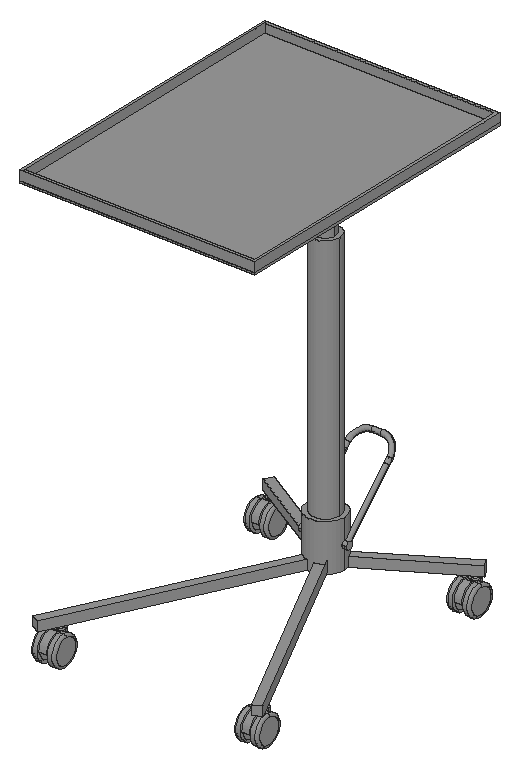
Revit family "Столик гусь ДМ-6-010-03", category Оборудование, Revit 2017
Family settings
  Размер круглого соединителя = Использовать диаметр
  Тип детали = Нормальный
  На основе рабочей плоскости = Нет
  Всегда вертикально = Да
  При загрузке вырезать с полостями = Нет
  Общий = Нет
  Точка расчета площади = Нет
Parameters (values of type "Тип")
  Общ_Ширина = 500.0 mm
  Общ_Тип, марка = "ДМ-6-010-21"
  Общ_Примечание КР [instance] = ""
  Общ_Примечание АР [instance] = ""
  Общ_Примечание = ""
  Общ_Поставщик = "Доктор Мебель"
  Общ_Позиция = ""
  Общ_Наименование = "Столик типа \"гусь\". Регулировка высоты 950-1250 мм."
  Общ_Масса = ""
  Общ_Код продукции = ""
  Общ_Единицы измерения = "шт."
  Общ_Глубина = 700.0 mm
  Общ_Высота = 950.0 mm
  Keynote = ""
  Model = ""
Reference planes
  plane 1 "По центру (Вперед/Назад)": y = 0
  plane 2: z = 0
  plane 3 "По центру (Влево/Вправо)": x = 0
  plane 4: through (0, 0, 120) normal (0, 0.7071, -0.7071)
  plane 5: through (0, 0, 120) normal (0, 0.7071, 0.7071)
  plane 6: z = 120
Forms (mm)
  Extrusion 1, solid, material "Сталь, нержавеющая AISI 304", detail levels fine
    sketch origin (0, 0, 0) x (1, 0, 0) y (0, 1, 0)
      loop
        line (-250, 150) -> (-250, -500) -> (250, -500) -> (250, 150) -> (-250, 150)
    from 925 to 930
  Extrusion 2, solid, material "Сталь, нержавеющая AISI 304", detail levels fine
    sketch origin (0, 0, 0) x (1, 0, 0) y (0, 1, 0)
      loop
        line (250, 150) -> (-250, 150) -> (-250, -500) -> (250, -500) -> (250, 150)
      loop
        line (245, 145) -> (-245, 145) -> (-245, -495) -> (245, -495) -> (245, 145)
    from 950 to 930
  Extrusion 3, solid, material "Сталь, нержавеющая AISI 304", detail levels fine
    sketch origin (0, 0, 0) x (1, 0, 0) y (0, 1, 0)
      loop
        line (235.552, 127.788) -> (225.366, 145) -> (0, 11.62) -> (-225.366, 145) -> (-235.552, 127.788) -> (-13.078, -3.88) -> (-245, -472.457) -> (-227.075, -481.328) -> (0, -22.543) -> (227.075, -481.328) -> (245, -472.457) -> (13.078, -3.88) -> (235.552, 127.788)
    from 70 to 90
  Extrusion 4, solid, material "Сталь, нержавеющая AISI 304", detail levels fine
    sketch origin (0, 0, 0) x (1, 0, 0) y (0, 1, 0)
      loop
        circle (0, 0) r 40
    from 70 to 170
  Extrusion 5, solid, material "Сталь, нержавеющая AISI 304", detail levels fine
    sketch origin (0, 0, 0) x (1, 0, 0) y (0, 1, 0)
      loop
        circle (0, 0) r 30
    from 170 to 700
  Extrusion 6, solid, material "Сталь, нержавеющая AISI 304", detail levels fine
    sketch origin (0, 0, 0) x (1, 0, 0) y (0, 1, 0)
      loop
        circle (0, 0) r 20
    from 700 to 925
  Extrusion 7, solid, material "Сталь, нержавеющая AISI 304", detail levels fine
    sketch origin (0, 0, 120) x (0, 0.707107, -0.707107) y (-1, 0, 0)
      loop
        circle (-0.367, 45) r 5
      loop
        circle (-0.367, -45) r 5
    from 1.21 to 150
  Sweep 8, solid, material "Сталь, нержавеющая AISI 304", detail levels fine
    path origin (0, 0, 120) x (0, -0.707107, -0.707107) y (-1, 0, 0)
      loop
        line (-150, 40) -> (-162.076, 40)
        arc (-162.076, 40) -> (-183.289, 31.213) -> (-192.076, 10) r 30
        line (-192.076, 10) -> (-192.076, -10)
        arc (-192.076, -10) -> (-183.289, -31.213) -> (-162.076, -40) r 30
        line (-162.076, -40) -> (-150, -40)
    profile origin (-40, 110.336, 230.336) x (1, 0, 0) y (0, 0.707107, -0.707107)
      loop
        circle (-5, 0) r 5
  Extrusion 9, solid, material "Сталь, нержавеющая AISI 304", detail levels fine
    sketch origin (0, 0, 0) x (0, 1, 0) y (0, 0, 1)
      loop
        circle (-0.26, 120.26) r 6.995
    from -51 to 51
Lines and regions (mm)
  symbolic lines, detail levels coarse+medium
    curve 1: line (-250, 150, 0) -> (250, 150, 0)
    curve 2: line (-250, -500, 0) -> (-250, 150, 0)
    curve 3: line (250, -500, 0) -> (-250, -500, 0)
    curve 4: line (250, 150, 0) -> (250, -500, 0)
    curve 5: line (-250, -500, 0) -> (250, 150, 0)
Dimensions and locks
  aligned and locked: level to plane 2
Nested families
  nested 1: "Колесо для офисной мебели" at (216.159, 127.877, 0), type "Тип", detail levels fine
    with GKS_TH_Примечание ЭМ "", GKS_TH_Примечание СпецВода "", GKS_TH_Примечание СС "", GKS_TH_Примечание ОВ "", GKS_TH_Примечание МГ "", GKS_TH_Примечание КР "", GKS_TH_Примечание ВК "", GKS_TH_Примечание АР ""
  nested 2: "Колесо для офисной мебели" at (216.159, -436.498, 0), type "Тип", detail levels fine
    with GKS_TH_Примечание ЭМ "", GKS_TH_Примечание СпецВода "", GKS_TH_Примечание СС "", GKS_TH_Примечание ОВ "", GKS_TH_Примечание МГ "", GKS_TH_Примечание КР "", GKS_TH_Примечание ВК "", GKS_TH_Примечание АР ""
  nested 3: "Колесо для офисной мебели" at (-216.159, 127.877, 0) x (-1, 0, 0) z (0, 0, 1), type "Тип", detail levels fine
    with GKS_TH_Примечание ЭМ "", GKS_TH_Примечание СпецВода "", GKS_TH_Примечание СС "", GKS_TH_Примечание ОВ "", GKS_TH_Примечание МГ "", GKS_TH_Примечание КР "", GKS_TH_Примечание ВК "", GKS_TH_Примечание АР ""
  nested 4: "Колесо для офисной мебели" at (-216.159, -436.498, 0) x (-1, 0, 0) z (0, 0, 1), type "Тип", detail levels fine
    with GKS_TH_Примечание ЭМ "", GKS_TH_Примечание СпецВода "", GKS_TH_Примечание СС "", GKS_TH_Примечание ОВ "", GKS_TH_Примечание МГ "", GKS_TH_Примечание КР "", GKS_TH_Примечание ВК "", GKS_TH_Примечание АР ""
Definition of nested family "Колесо для офисной мебели"
  Parameters (values of type "Тип")
    Keynote = ""
    Model = "ТХ"  # constant formula
    GKS_TH_Цена_3 = 0
    GKS_TH_Цена_2 = 0
    GKS_TH_Цена_1 = 0
    GKS_TH_Примечание ЭМ [instance] = ""
    GKS_TH_Примечание СпецВода [instance] = ""
    GKS_TH_Примечание СС [instance] = ""
    GKS_TH_Примечание ОВ [instance] = ""
    GKS_TH_Примечание МГ [instance] = ""
    GKS_TH_Примечание КР [instance] = ""
    GKS_TH_Примечание ВК [instance] = ""
    GKS_TH_Примечание АР [instance] = ""
    GKS_TH_КодТСН = ""
    GKS_TH_Источник_3 = ""
    GKS_TH_Источник_2 = ""
    GKS_TH_Источник_1 = ""
  Reference planes
    plane 1 "По центру (Вперед/Назад)": y = 0
    plane 2: z = 0
    plane 3 "По центру (Влево/Вправо)": x = 0
  Forms (mm)
    Extrusion 1, solid
      sketch origin (-0.139, 104.186, 0) x (0, -1, 0) y (0, 0, 1)
        loop
          arc (149.336, 32.485) -> (140.525, 53.92) -> (119.186, 62.96) r 30.477
          arc (119.186, 62.96) -> (97.847, 53.92) -> (89.036, 32.485) r 30.477
          line (89.036, 32.485) -> (95.536, 32.485)
          arc (95.536, 32.485) -> (102.443, 49.324) -> (119.186, 56.46) r 23.977
          arc (119.186, 56.46) -> (135.929, 49.324) -> (142.836, 32.485) r 23.977
          line (142.836, 32.485) -> (149.336, 32.485)
      from -8 to 8
    Revolve 2, solid
      sketch origin (23.908, -15.007, 1200) x (-1, 0, 0) y (0, 0, 1)
        loop
          line (-0.937, -1141.717) -> (13.078, -1141.717) -> (13.078, -1137.006) -> (4.104, -1137.006)
          arc (4.104, -1137.006) -> (0.654, -1138.367) -> (-0.937, -1141.717) r 5.053
        axis (-0.937, -1168.5) -> (13.078, -1168.5)
      angle from 0 to 360
    Extrusion 3, solid
      sketch origin (-1.382, 6.475, 0) x (0, -1, 0) y (0, 0, 1)
        loop
          circle (21.482, 31.5) r 26.783
      from 9.8 to 22.25
    Revolve 4, solid
      sketch origin (-24.182, -15.007, 1200) x (1, 0, 0) y (0, 0, -1)
        loop
          arc (-0.937, 1141.717) -> (0.654, 1138.367) -> (4.104, 1137.006) r 5.053
          line (4.104, 1137.006) -> (13.078, 1137.006) -> (13.078, 1141.717) -> (-0.937, 1141.717)
        axis (-0.937, 1168.5) -> (13.078, 1168.5)
      angle from 0 to 360
    Extrusion 5, solid
      sketch origin (1.186, 6.475, 0) x (0, -1, 0) y (0, 0, -1)
        loop
          circle (21.482, -31.5) r 26.783
      from 9.8 to 22.25
    Revolve 6, solid
      sketch origin (0, 0, 0) x (1, 0, 0) y (0, 0, 1)
        loop
          line (0, 64.498) -> (-9.268, 64.498)
          arc (-9.268, 64.498) -> (-10.566, 63.96) -> (-11.104, 62.661) r 1.836
          line (-11.104, 62.661) -> (-11.104, 44.5)
          arc (-11.104, 44.5) -> (-7.743, 37.067) -> (0, 34.5) r 10.161
          line (0, 34.5) -> (0, 64.498)
        axis (0, 34.5) -> (0, 64.498)
      angle from 0 to 360
    Extrusion 7, solid
      sketch origin (0, 0, 0) x (1, 0, 0) y (0, 1, 0)
        loop
          circle (0, 0) r 6.35
      from 60 to 85
  Lines and regions (mm)
    symbolic lines, detail levels coarse+medium
      curve 1: line (-6.828, 0, 0) -> (6.828, 0, 0)
      curve 2: line (0, 6.828, 0) -> (0, -6.828, 0)
  Dimensions and locks
    aligned and locked: level to plane 2
